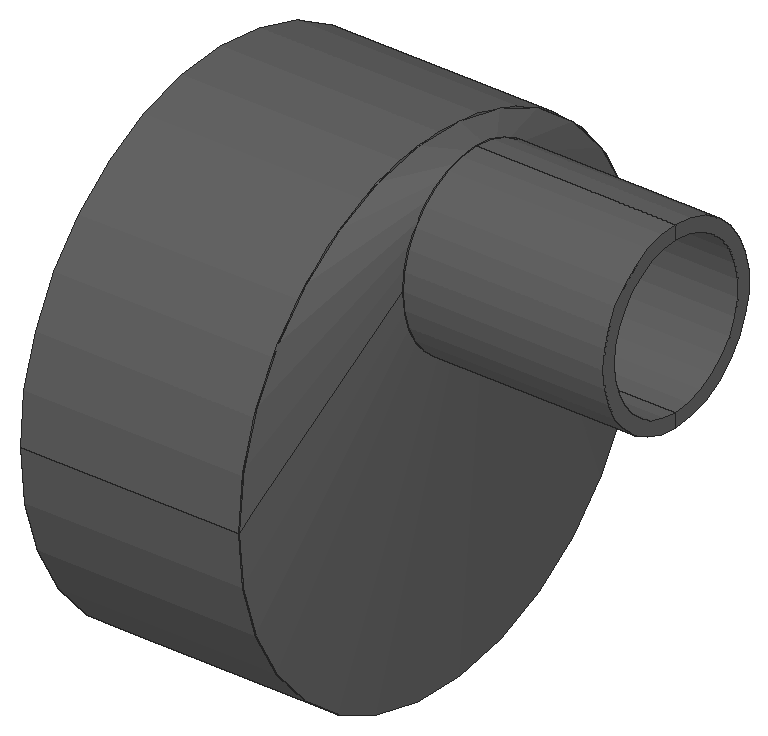
Revit family "QSS+_Переход эксцентрический", category Соединительные детали трубопроводов, Revit 2019
Family settings
  Размер круглого соединителя = Использовать диаметр
  Тип детали = Соединение
  На основе рабочей плоскости = Нет
  Всегда вертикально = Да
  При загрузке вырезать с полостями = Нет
  Общий = Нет
Parameters (values of type "QSS+")
  Поиск по таблице имен = "QSS+_Переход эксцентрический"  # constant formula
  Материал_Корпус_2 = Пластик
  Материал_Корпус = Металл
  k2 [instance] = size_lookup(Поиск по таблице имен, "k2", 80 mm, DN, DN2)  # 44 mm
  URL = "www.agpipe.ru"
  k1 [instance] = size_lookup(Поиск по таблице имен, "k1", 80 mm, DN, DN2)  # 48 mm
  K [instance] = size_lookup(Поиск по таблице имен, "K", 80 mm, DN, DN2)  # 100 mm
  DN2 [instance] = 40 mm
  DN [instance] = 110 mm
  ADSK_Примечание = ""
  ADSK_Позиция [instance] = ""
  ADSK_Обозначение = ""
  ADSK_Наименование [instance] = size_lookup(Поиск по таблице имен, "ADSK_Наименование", "Нет в каталоге", DN, DN2)  # "Переход эксцентрический DN110x40"
  ADSK_Масса_Текст [instance] = ""
  ADSK_Код изделия [instance] = size_lookup(Поиск по таблице имен, "ADSK_Код изделия", "Нет в каталоге", DN, DN2)  # "QSS-RSE-110040"
  ADSK_Завод-изготовитель = "Agpipe"  # constant formula
  ADSK_Единица измерения = "шт."  # constant formula
Reference planes
  plane 1 "По центру (Вперед/Назад)": y = 0
  plane 2: z = 0
  plane 3 "По центру (Влево/Вправо)": x = 0
  plane 4: x = -50
  plane 5: x = 50
  plane 6: y = -55
  plane 7: y = 55
  plane 8: z = 55
  plane 9: z = -55
  plane 10: y = 20
  plane 11: y = -20
  plane 12: z = 15
  plane 13: z = 35
  plane 14: z = 15
  plane 15: z = 35
  plane 16: x = 6
  plane 17: x = -2
Forms (mm)
  Revolve 1, solid, material "Пластик" <- "Материал_Корпус_2"
    sketch origin (0, 0, 0) x (1, 0, 0) y (0, 1, 0)
      loop
        line (-50, 55) -> (-50, 52) -> (-2, 52) -> (-2, 55) -> (-50, 55)
      axis (-50, 0) -> (-2, 0)
    angle from 0 to 360
  Revolve 2, solid, material "Пластик" <- "Материал_Корпус_2"
    sketch origin (0, 0, 0) x (1, 0, 0) y (0, 0, 1)
      loop
        line (6, 55) -> (6, 52) -> (50, 52) -> (50, 55) -> (6, 55)
      axis (50, 35) -> (6, 35)
    angle from 0 to 360
  Blend 3, solid, material "Пластик" <- "Материал_Корпус_2"
    base sketch origin (0, 0, 0) x (0, 1, 0) y (0, 0, 1)
      loop
        circle (0, 0) r 55
    top sketch origin (0, 0, 0) x (0, 1, 0) y (0, 0, 1)
      loop
        circle (0, 35) r 20
    from -2 to 6
Dimensions and locks
  equal spacing: plane 4, plane 3 "По центру (Влево/Вправо)", plane 5
  "K": plane 4 to plane 5
  equal spacing: plane 7, plane 1 "По центру (Вперед/Назад)", plane 6
  "DN": plane 7 to plane 6
  equal spacing: plane 11, plane 1 "По центру (Вперед/Назад)", plane 10
  "DN2": plane 11 to plane 10
  plane 4 to Revolve 1 sketch curve = 48 mm
  locked: plane 7 to Revolve 1 sketch curve at 3
  equal spacing: plane 8, level, plane 9
  "DN": plane 8 to plane 9
  equal spacing: plane 8, plane 13, plane 12
  "DN2": plane 8 to plane 12
  locked: plane 8 to Revolve 2 sketch curve at 3
  equal spacing: plane 8, plane 15, plane 14
  "DN2": plane 8 to plane 14
  "k2": plane 16 to plane 5
  "k1": plane 4 to plane 17
  plane 4 to plane 17 = 48 mm
  "DN": diameter of Blend 3 sketch curve
  "DN2": diameter of Blend 3 sketch curve
  aligned and locked: level to plane 2
  aligned and locked: Revolve 1 sketch curve to plane 7
  aligned and locked: plane 4 to Revolve 1 sketch curve
  aligned and locked: Revolve 2 sketch curve to plane 8
  aligned and locked: Revolve 2 sketch curve to plane 13
  aligned and locked: level to Blend 3 sketch curve
  aligned and locked: plane 1 "По центру (Вперед/Назад)" to Blend 3 sketch curve  (x2)
  aligned and locked: plane 15 to Blend 3 sketch curve
  aligned and locked: Revolve 2 sketch curve to plane 5
  aligned and locked: Blend 3 to Revolve 1
  aligned and locked: Blend 3 to Revolve 2
Automatic sketch dimensions
  plane 1 "По центру (Вперед/Назад)" to Revolve 1 sketch curve = 0 mm
  Revolve 1 sketch curve to plane 4 = 10 mm
  plane 4 to Revolve 1 sketch curve = 30 mm
  Revolve 2 sketch curve to plane 8 = 0 mm
  Revolve 2 sketch curve to plane 16 = 0 mm
  plane 5 to Revolve 2 sketch curve = 50 mm
  Revolve 2 sketch curve to Revolve 2 sketch curve = 35 mm
Connectors
  piping at (-50, 0, 0), diameter 110, driven by "DN"
    settings: on Revolve 1, index 1, connector inside diameter 609.6 mm, connector length 0 mm, flow factor 0, pipe flow 0.0 L/s, pressure drop 0.0 Pa, fitting loss kfactor 0, connector angle 0.00°, fixture units 0, engagement length 0 mm, angle of deflection 0.00°, flow configuration 0, flow direction 0, fitting loss method 0, system type 28, joint type 0, gender type 0, connector reference index 2, connector utility 0, adjustable connector no, is connector primary yes, connector description ""
  piping at (50, 0, 35), diameter 40, driven by "DN2"
    settings: on Revolve 2, index 2, connector inside diameter 609.6 mm, connector length 0 mm, flow factor 0, pipe flow 0.0 L/s, pressure drop 0.0 Pa, fitting loss kfactor 0, connector angle 0.00°, fixture units 0, engagement length 0 mm, angle of deflection 0.00°, flow configuration 0, flow direction 0, fitting loss method 0, system type 28, joint type 0, gender type 0, connector reference index 1, connector utility 0, adjustable connector no, is connector primary no, connector description ""
